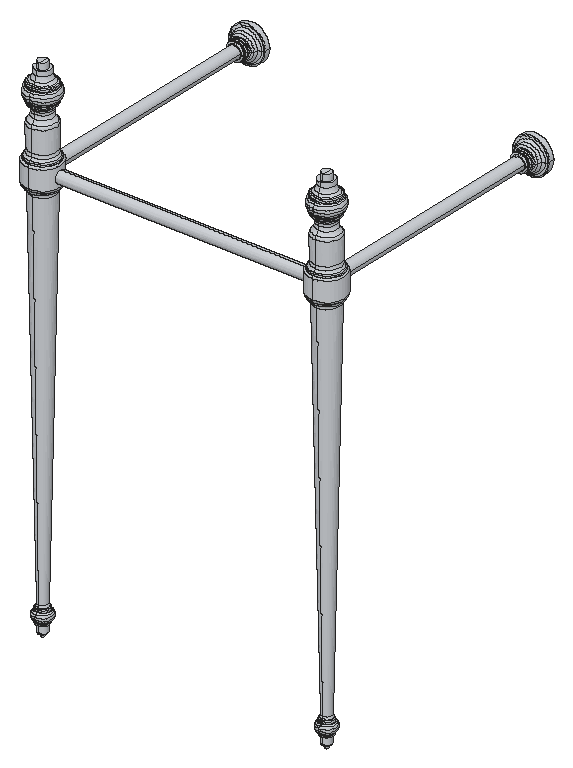
Revit family "Furniture-Console_Table_Legs-KOHLER-Memoirs-K-30007", category Specialty Equipment, host Face, Revit 2015
Parameters (values of type "CP-Polished Chrome")
  Width = 17 3/4"  # constant formula
  URL = "https://www.us.kohler.com/us/"
  Type = 1
  Product Page URL = "http://www.us.kohler.com/us/catalog/productDetails.jsp?productNumber=30007"
  Product Name = "Memoirs"  # constant formula
  Product Documentation Link = "http://www.us.kohler.com/onlinecatalog/pdf/K-30007_spec.pdf"
  Model = if(Type = 1, "K-30007-CP", if(Type = 2, "K-30007-BN", if(Type = 3, "K-30007-BV", if(Type = 4, "K-30007-2BZ", "NA"))))  # "K-30007-CP"
  Material = "Solid Brass"  # constant formula
  MasterFormat 2004 = "10.28.13"  # constant formula
  MasterFormat 1995 = "10820"  # constant formula
  Manufacturer Address = "444 Highland Dr, Kohler, WI 53044"  # constant formula
  Manufacturer = "KOHLER Co."  # constant formula
  Length = 16 5/16"  # constant formula
  Height = 32 1/4"  # constant formula
  Finish = Kohler-Metal-CP-Polished_Chrome
  Environmental Product Declaration = ""
  Description = "Console table legs for K-29999 Memoirs sink"  # constant formula
  Default Elevation = 0"
  Declare Label = ""
  Date Modified = "12/11/2018"  # constant formula
  Date Created = "12/11/2018"  # constant formula
  Copyright = "Copyright KOHLER Co."  # constant formula
  Contact Us = "https://www.us.kohler.com/us/static/contact.jsp"
  Assembly Code = "C1030200"
  ADA Compliant = 1 = 0  # no
Reference planes (in)
  plane 1 "Center (Front/Back)": y = 0
  plane 2: z = 0
  plane 3 "Center (Left/Right)": x = 0
  plane 4: y = 16.3125
  plane 5: x = -8.875
  plane 6: x = 8.875
  plane 7: z = 32.25
Dimensions and locks (in)
  "Width": plane 5 to plane 6
  "Height": plane 7 to plane 2
  "Length": plane 1 "Center (Front/Back)" to plane 4
  aligned and locked: host face to plane 2
  aligned and locked: host face to level
Automatic sketch dimensions
  host sketch curve to host sketch curve = 96"  (x2)
Nested families (in)
  nested 1: "K-30007" at (0, 16.3125, 16.125) x (1, 0, 0) z (0, -1, 0), type "K-30007"
Definition of nested family "K-30007"
  Parameters (values of type "K-30007")
    Material = none
    Default Elevation = 48"
  Reference planes (in)
    plane 1 "Center (Front/Back)": y = 0
    plane 2: z = 0
    plane 3 "Center (Left/Right)": x = 0
    plane 4: x = -8.875
    plane 5: x = 8.875
    plane 6: z = 16.3125
    plane 7: y = 16.125
    plane 8: y = -16.125
  Forms (in)
    Revolve 1, solid, material <- "Material", detail levels medium+fine
      sketch origin (0, 10.011, 0) x (1, 0, 0) y (0, 0, 1)
        loop
          line (8.875, 0) -> (8.875, 16.3125) -> (8.5, 16.3125) -> (8.5, 1.346) -> (8.41906, 1.346)
          arc (8.41906, 1.346) -> (8.36494, 1.32732) -> (8.33386, 1.27924) r 0.08775
          arc (8.33386, 1.27924) -> (8.33059, 1.25169) -> (8.33417, 1.22418) r 0.11251
          arc (8.33417, 1.22418) -> (8.34377, 1.20686) -> (8.36057, 1.19637) r 0.03951
          arc (8.36057, 1.19637) -> (8.38055, 1.18696) -> (8.39726, 1.17254) r 0.08155
          arc (8.39726, 1.17254) -> (8.42648, 1.12495) -> (8.43789, 1.0703) r 0.16273
          arc (8.43789, 1.0703) -> (8.42398, 1.01029) -> (8.38199, 0.96522) r 0.11929
          arc (8.38199, 0.96522) -> (8.35827, 0.95245) -> (8.33308, 0.94291) r 0.20464
          arc (8.33308, 0.94291) -> (8.31027, 0.92618) -> (8.30286, 0.89887) r 0.04282
          arc (8.30286, 0.89887) -> (8.29002, 0.85026) -> (8.25007, 0.81975) r 0.07754
          arc (8.25007, 0.81975) -> (8.18959, 0.78696) -> (8.144, 0.73544) r 0.19783
          arc (8.144, 0.73544) -> (8.09993, 0.65925) -> (8.05975, 0.58094) r 1.74576
          arc (8.05975, 0.58094) -> (8.00416, 0.49545) -> (7.92879, 0.42677) r 0.40039
          arc (7.92879, 0.42677) -> (7.85715, 0.39029) -> (7.77823, 0.37504) r 0.28779
          arc (7.77823, 0.37504) -> (7.75215, 0.36305) -> (7.7415, 0.3364) r 0.03869
          line (7.7415, 0.3364) -> (7.7415, 0) -> (8.875, 0)
        axis (8.875, 16.3125) -> (8.875, 0)
      angle from 0 to 360
    Revolve 2, solid, material <- "Material", detail levels medium+fine
      sketch origin (0, 10.011, 0) x (-1, 0, 0) y (0, 0, -1)
        loop
          line (8.875, 0) -> (7.7415, 0) -> (7.7415, -0.3364)
          arc (7.7415, -0.3364) -> (7.75215, -0.36305) -> (7.77823, -0.37504) r 0.03869
          arc (7.77823, -0.37504) -> (7.85715, -0.39029) -> (7.92879, -0.42677) r 0.28779
          arc (7.92879, -0.42677) -> (8.00416, -0.49545) -> (8.05975, -0.58094) r 0.40039
          arc (8.05975, -0.58094) -> (8.09993, -0.65925) -> (8.144, -0.73544) r 1.74576
          arc (8.144, -0.73544) -> (8.18959, -0.78696) -> (8.25007, -0.81975) r 0.19783
          arc (8.25007, -0.81975) -> (8.29002, -0.85026) -> (8.30286, -0.89887) r 0.07754
          arc (8.30286, -0.89887) -> (8.31027, -0.92618) -> (8.33308, -0.94291) r 0.04282
          arc (8.33308, -0.94291) -> (8.35827, -0.95245) -> (8.38199, -0.96522) r 0.20464
          arc (8.38199, -0.96522) -> (8.42398, -1.01029) -> (8.43789, -1.0703) r 0.11929
          arc (8.43789, -1.0703) -> (8.42648, -1.12495) -> (8.39726, -1.17254) r 0.16273
          arc (8.39726, -1.17254) -> (8.38055, -1.18696) -> (8.36057, -1.19637) r 0.08155
          arc (8.36057, -1.19637) -> (8.34377, -1.20686) -> (8.33417, -1.22418) r 0.03951
          arc (8.33417, -1.22418) -> (8.33059, -1.25169) -> (8.33386, -1.27924) r 0.11251
          arc (8.33386, -1.27924) -> (8.36494, -1.32732) -> (8.41906, -1.346) r 0.08775
          line (8.41906, -1.346) -> (8.5, -1.346) -> (8.5, -16.3125) -> (8.875, -16.3125) -> (8.875, 0)
        axis (8.875, -16.3125) -> (8.875, 0)
      angle from 0 to 360
    Revolve 3, solid, material <- "Material", detail levels medium+fine
      sketch origin (-8.875, 0, 0) x (0, 1, 0) y (0, 0, 1)
        loop
          line (16.125, 16.3125) -> (16.125, 16.6215) -> (15.765, 16.6215) -> (15.765, 16.8065) -> (15.515, 16.8065)
          arc (15.515, 16.8065) -> (15.35094, 16.82869) -> (15.19867, 16.89366) r 0.61762
          arc (15.19867, 16.89366) -> (15.11895, 16.95203) -> (15.05158, 17.02431) r 0.52475
          arc (15.05158, 17.02431) -> (15.01863, 17.07736) -> (14.99688, 17.13591) r 0.31252
          arc (14.99688, 17.13591) -> (14.97885, 17.16317) -> (14.94791, 17.17373) r 0.05061
          line (14.94791, 17.17373) -> (14.85323, 17.17373)
          arc (14.85323, 17.17373) -> (14.82854, 17.17879) -> (14.80784, 17.19315) r 0.06273
          arc (14.80784, 17.19315) -> (14.76185, 17.23557) -> (14.71083, 17.27178) r 0.49001
          arc (14.71083, 17.27178) -> (14.62314, 17.31622) -> (14.52924, 17.34532) r 0.58399
          arc (14.52924, 17.34532) -> (14.442, 17.35651) -> (14.35415, 17.35211) r 0.49615
          arc (14.35415, 17.35211) -> (14.25641, 17.32992) -> (14.1638, 17.29158) r 0.5934
          arc (14.1638, 17.29158) -> (14.09759, 17.25005) -> (14.03918, 17.19812) r 0.46996
          arc (14.03918, 17.19812) -> (14.01299, 17.17992) -> (13.98175, 17.1735) r 0.0793
          line (13.98175, 17.1735) -> (13.89812, 17.1735)
          arc (13.89812, 17.1735) -> (13.86983, 17.16696) -> (13.84728, 17.14865) r 0.06443
          arc (13.84728, 17.14865) -> (13.82732, 17.12431) -> (13.80614, 17.10101) r 0.61911
          arc (13.80614, 17.10101) -> (13.74083, 17.03972) -> (13.66928, 16.98584) r 0.82896
          arc (13.66928, 16.98584) -> (13.61365, 16.95374) -> (13.55418, 16.92951) r 0.4712
          arc (13.55418, 16.92951) -> (13.46183, 16.90463) -> (13.3673, 16.89012) r 0.86277
          arc (13.3673, 16.89012) -> (13.24304, 16.89348) -> (13.12341, 16.92722) r 0.50287
          arc (13.12341, 16.92722) -> (12.98459, 17.00156) -> (12.86189, 17.10024) r 0.84916
          arc (12.86189, 17.10024) -> (12.77921, 17.1535) -> (12.68239, 17.17074) r 0.25
          line (12.68239, 17.17074) -> (11.29071, 17.14048)
          arc (11.29071, 17.14048) -> (11.18734, 17.14534) -> (11.08561, 17.16432) r 0.7535
          arc (11.08561, 17.16432) -> (10.98562, 17.20401) -> (10.89852, 17.26716) r 0.43244
          arc (10.89852, 17.26716) -> (10.86414, 17.2889) -> (10.82418, 17.29651) r 0.10882
          line (10.82418, 17.29651) -> (10.7402, 17.29651)
          arc (10.7402, 17.29651) -> (10.7237, 17.3034) -> (10.71699, 17.31997) r 0.02321
          arc (10.71699, 17.31997) -> (10.68841, 17.39063) -> (10.61808, 17.42) r 0.09892
          line (10.61808, 17.42) -> (9.40474, 17.42)
          arc (9.40474, 17.42) -> (9.33311, 17.38967) -> (9.30505, 17.31711) r 0.09974
          arc (9.30505, 17.31711) -> (9.29943, 17.30258) -> (9.28508, 17.2965) r 0.01998
          line (9.28508, 17.2965) -> (9.19764, 17.2965)
          arc (9.19764, 17.2965) -> (9.16479, 17.28738) -> (9.14136, 17.26262) r 0.06369
          arc (9.14136, 17.26262) -> (9.02349, 17.13683) -> (8.85813, 17.08814) r 0.32813
          line (8.85813, 17.08814) -> (-14.19593, 16.61484)
          arc (-14.19593, 16.61484) -> (-14.2741, 16.62311) -> (-14.34774, 16.6506) r 0.31293
          arc (-14.34774, 16.6506) -> (-14.387, 16.67549) -> (-14.42168, 16.70644) r 0.28437
          arc (-14.42168, 16.70644) -> (-14.44312, 16.72136) -> (-14.46869, 16.72661) r 0.06488
          line (-14.46869, 16.72661) -> (-14.56367, 16.72661)
          arc (-14.56367, 16.72661) -> (-14.5782, 16.73217) -> (-14.58531, 16.74599) r 0.02176
          arc (-14.58531, 16.74599) -> (-14.58951, 16.76093) -> (-14.59832, 16.7737) r 0.04734
          arc (-14.59832, 16.7737) -> (-14.63686, 16.81048) -> (-14.67821, 16.84406) r 0.66345
          arc (-14.67821, 16.84406) -> (-14.73924, 16.87864) -> (-14.80697, 16.8969) r 0.27881
          arc (-14.80697, 16.8969) -> (-14.8828, 16.90092) -> (-14.95824, 16.89217) r 0.45132
          arc (-14.95824, 16.89217) -> (-15.02292, 16.87159) -> (-15.08166, 16.83758) r 0.31371
          arc (-15.08166, 16.83758) -> (-15.12797, 16.79804) -> (-15.16801, 16.75216) r 0.41553
          arc (-15.16801, 16.75216) -> (-15.19005, 16.73378) -> (-15.21798, 16.72719) r 0.0625
          line (-15.21798, 16.72719) -> (-15.27256, 16.72719)
          arc (-15.27256, 16.72719) -> (-15.3168, 16.70887) -> (-15.33512, 16.66463) r 0.06256
          line (-15.33512, 16.66463) -> (-15.33512, 16.6065) -> (-15.81259, 16.6065)
          arc (-15.81259, 16.6065) -> (-15.85672, 16.58822) -> (-15.875, 16.54409) r 0.06241
          line (-15.875, 16.54409) -> (-15.875, 16.3965) -> (-16.094, 16.3965) -> (-16.125, 16.3655) -> (-16.125, 16.3125) -> (16.125, 16.3125)
        axis (-16.125, 16.3125) -> (16.125, 16.3125)
      angle from 0 to 360
    Revolve 4, solid, material <- "Material", detail levels medium+fine
      sketch origin (8.875, 0, 0) x (0, 1, 0) y (0, 0, -1)
        loop
          line (16.125, -16.3125) -> (-16.125, -16.3125) -> (-16.125, -16.3655) -> (-16.094, -16.3965) -> (-15.875, -16.3965) -> (-15.875, -16.54409)
          arc (-15.875, -16.54409) -> (-15.85672, -16.58822) -> (-15.81259, -16.6065) r 0.06241
          line (-15.81259, -16.6065) -> (-15.33512, -16.6065) -> (-15.33512, -16.66463)
          arc (-15.33512, -16.66463) -> (-15.3168, -16.70887) -> (-15.27256, -16.72719) r 0.06256
          line (-15.27256, -16.72719) -> (-15.21798, -16.72719)
          arc (-15.21798, -16.72719) -> (-15.19005, -16.73378) -> (-15.16801, -16.75216) r 0.0625
          arc (-15.16801, -16.75216) -> (-15.12797, -16.79804) -> (-15.08166, -16.83758) r 0.41553
          arc (-15.08166, -16.83758) -> (-15.02292, -16.87159) -> (-14.95824, -16.89217) r 0.31371
          arc (-14.95824, -16.89217) -> (-14.8828, -16.90092) -> (-14.80697, -16.8969) r 0.45132
          arc (-14.80697, -16.8969) -> (-14.73924, -16.87864) -> (-14.67821, -16.84406) r 0.27881
          arc (-14.67821, -16.84406) -> (-14.63686, -16.81048) -> (-14.59832, -16.7737) r 0.66345
          arc (-14.59832, -16.7737) -> (-14.58951, -16.76093) -> (-14.58531, -16.74599) r 0.04734
          arc (-14.58531, -16.74599) -> (-14.5782, -16.73217) -> (-14.56367, -16.72661) r 0.02176
          line (-14.56367, -16.72661) -> (-14.46869, -16.72661)
          arc (-14.46869, -16.72661) -> (-14.44312, -16.72136) -> (-14.42168, -16.70644) r 0.06488
          arc (-14.42168, -16.70644) -> (-14.387, -16.67549) -> (-14.34774, -16.6506) r 0.28437
          arc (-14.34774, -16.6506) -> (-14.2741, -16.62311) -> (-14.19593, -16.61484) r 0.31293
          line (-14.19593, -16.61484) -> (8.85813, -17.08814)
          arc (8.85813, -17.08814) -> (9.02349, -17.13683) -> (9.14136, -17.26262) r 0.32813
          arc (9.14136, -17.26262) -> (9.16479, -17.28738) -> (9.19764, -17.2965) r 0.06369
          line (9.19764, -17.2965) -> (9.28508, -17.2965)
          arc (9.28508, -17.2965) -> (9.29943, -17.30258) -> (9.30505, -17.31711) r 0.01998
          arc (9.30505, -17.31711) -> (9.33311, -17.38967) -> (9.40474, -17.42) r 0.09974
          line (9.40474, -17.42) -> (10.61808, -17.42)
          arc (10.61808, -17.42) -> (10.68841, -17.39063) -> (10.71699, -17.31997) r 0.09892
          arc (10.71699, -17.31997) -> (10.7237, -17.3034) -> (10.7402, -17.29651) r 0.02321
          line (10.7402, -17.29651) -> (10.82418, -17.29651)
          arc (10.82418, -17.29651) -> (10.86414, -17.2889) -> (10.89852, -17.26716) r 0.10882
          arc (10.89852, -17.26716) -> (10.98562, -17.20401) -> (11.08561, -17.16432) r 0.43244
          arc (11.08561, -17.16432) -> (11.18734, -17.14534) -> (11.29071, -17.14048) r 0.7535
          line (11.29071, -17.14048) -> (12.68239, -17.17074)
          arc (12.68239, -17.17074) -> (12.77921, -17.1535) -> (12.86189, -17.10024) r 0.25
          arc (12.86189, -17.10024) -> (12.98459, -17.00156) -> (13.12341, -16.92722) r 0.84916
          arc (13.12341, -16.92722) -> (13.24304, -16.89348) -> (13.3673, -16.89012) r 0.50287
          arc (13.3673, -16.89012) -> (13.46183, -16.90463) -> (13.55418, -16.92951) r 0.86277
          arc (13.55418, -16.92951) -> (13.61365, -16.95374) -> (13.66928, -16.98584) r 0.4712
          arc (13.66928, -16.98584) -> (13.74083, -17.03972) -> (13.80614, -17.10101) r 0.82896
          arc (13.80614, -17.10101) -> (13.82732, -17.12431) -> (13.84728, -17.14865) r 0.61911
          arc (13.84728, -17.14865) -> (13.86983, -17.16696) -> (13.89812, -17.1735) r 0.06443
          line (13.89812, -17.1735) -> (13.98175, -17.1735)
          arc (13.98175, -17.1735) -> (14.01299, -17.17992) -> (14.03918, -17.19812) r 0.0793
          arc (14.03918, -17.19812) -> (14.09759, -17.25005) -> (14.1638, -17.29158) r 0.46996
          arc (14.1638, -17.29158) -> (14.25641, -17.32992) -> (14.35415, -17.35211) r 0.5934
          arc (14.35415, -17.35211) -> (14.442, -17.35651) -> (14.52924, -17.34532) r 0.49615
          arc (14.52924, -17.34532) -> (14.62314, -17.31622) -> (14.71083, -17.27178) r 0.58399
          arc (14.71083, -17.27178) -> (14.76185, -17.23557) -> (14.80784, -17.19315) r 0.49001
          arc (14.80784, -17.19315) -> (14.82854, -17.17879) -> (14.85323, -17.17373) r 0.06273
          line (14.85323, -17.17373) -> (14.94791, -17.17373)
          arc (14.94791, -17.17373) -> (14.97885, -17.16317) -> (14.99688, -17.13591) r 0.05061
          arc (14.99688, -17.13591) -> (15.01863, -17.07736) -> (15.05158, -17.02431) r 0.31252
          arc (15.05158, -17.02431) -> (15.11895, -16.95203) -> (15.19867, -16.89366) r 0.52475
          arc (15.19867, -16.89366) -> (15.35094, -16.82869) -> (15.515, -16.8065) r 0.61762
          line (15.515, -16.8065) -> (15.765, -16.8065) -> (15.765, -16.6215) -> (16.125, -16.6215) -> (16.125, -16.3125)
        axis (-16.125, -16.3125) -> (16.125, -16.3125)
      angle from 0 to 360
    Extrusion 5, solid, material <- "Material", detail levels medium+fine
      sketch origin (0, 0, 0) x (0, 1, 0) y (0, 0, 1)
        loop
          circle (10.011, 16.3125) r 0.375
      from -8.875 to 8.875
    Revolve 6, solid, material <- "Material", detail levels coarse
      sketch origin (-8.875, 0, 0) x (0, 1, 0) y (0, 0, 1)
        loop
          line (10.011, 0) -> (10.011, 16.3125) -> (9.636, 16.3125) -> (9.636, 1.346) -> (8.8775, 1.346) -> (8.8775, 0) -> (10.011, 0)
        axis (10.011, 0) -> (10.011, 16.3125)
      angle from 0 to 360
    Revolve 7, solid, material <- "Material", detail levels coarse
      sketch origin (8.875, 0, 0) x (0, 1, 0) y (0, 0, -1)
        loop
          line (10.011, 0) -> (8.8775, 0) -> (8.8775, -1.346) -> (9.636, -1.346) -> (9.636, -16.3125) -> (10.011, -16.3125) -> (10.011, 0)
        axis (10.011, 0) -> (10.011, -16.3125)
      angle from 0 to 360
    Revolve 8, solid, material <- "Material", detail levels coarse
      sketch origin (0, 0, 16.3125) x (1, 0, 0) y (0, 1, 0)
        loop
          line (-8.875, 16.125) -> (-8.875, -16.125) -> (-8.28636, -16.125) -> (-8.28636, -14.8687) -> (-8.43534, -13.9743) -> (-8.09936, 8.85813) -> (-7.7675, 8.85813) -> (-7.7675, 12.49503) -> (-7.83099, 14.442) -> (-7.83099, 16.125) -> (-8.875, 16.125)
        axis (-8.875, 16.125) -> (-8.875, -16.125)
      angle from 0 to 360
    Revolve 9, solid, material <- "Material", detail levels coarse
      sketch origin (0, 0, 16.3125) x (-1, 0, 0) y (0, -1, 0)
        loop
          line (-8.875, -16.125) -> (-7.83099, -16.125) -> (-7.83099, -14.442) -> (-7.7675, -12.49503) -> (-7.7675, -8.85813) -> (-8.09936, -8.85813) -> (-8.43534, 13.9743) -> (-8.28636, 14.8687) -> (-8.28636, 16.125) -> (-8.875, 16.125) -> (-8.875, -16.125)
        axis (-8.875, -16.125) -> (-8.875, 16.125)
      angle from 0 to 360
    Extrusion 10, solid, material <- "Material", detail levels coarse
      sketch origin (0, 0, 0) x (0, 1, 0) y (0, 0, 1)
        loop
          circle (10.011, 16.3125) r 0.39409
      from -8.875 to 8.875
  Cuts and joins
    joined: Revolve 1, Revolve 2, Revolve 3, Revolve 4, Extrusion 5
    joined: Revolve 6, Revolve 7, Revolve 8, Revolve 9, Extrusion 10
  Lines and regions (in)
    Masking region 1
      outline origin (0, 0, 0) x (1, 0, 0) y (0, 0, 1)
        loop
          line (8.875, 0) -> (10.0085, 0) -> (10.0085, 0.3364)
          arc (10.0085, 0.3364) -> (9.99785, 0.36305) -> (9.97177, 0.37504) r 0.03869
          arc (9.97177, 0.37504) -> (9.89285, 0.39029) -> (9.82121, 0.42677) r 0.28779
          arc (9.82121, 0.42677) -> (9.74584, 0.49545) -> (9.69025, 0.58094) r 0.40039
          arc (9.69025, 0.58094) -> (9.65007, 0.65925) -> (9.606, 0.73544) r 1.74576
          arc (9.606, 0.73544) -> (9.56041, 0.78696) -> (9.49993, 0.81975) r 0.19783
          arc (9.49993, 0.81975) -> (9.45998, 0.85026) -> (9.44714, 0.89887) r 0.07754
          arc (9.44714, 0.89887) -> (9.43973, 0.92618) -> (9.41692, 0.94291) r 0.04282
          arc (9.41692, 0.94291) -> (9.39173, 0.95245) -> (9.36801, 0.96522) r 0.20464
          arc (9.36801, 0.96522) -> (9.32602, 1.01029) -> (9.31211, 1.0703) r 0.11929
          arc (9.31211, 1.0703) -> (9.32352, 1.12495) -> (9.35274, 1.17254) r 0.16273
          arc (9.35274, 1.17254) -> (9.36945, 1.18696) -> (9.38943, 1.19637) r 0.08155
          arc (9.38943, 1.19637) -> (9.40623, 1.20686) -> (9.41583, 1.22418) r 0.03951
          arc (9.41583, 1.22418) -> (9.41941, 1.25169) -> (9.41614, 1.27924) r 0.11251
          arc (9.41614, 1.27924) -> (9.38506, 1.32732) -> (9.33094, 1.346) r 0.08775
          line (9.33094, 1.346) -> (9.25, 1.346) -> (9.25, 15.26955)
          arc (9.25, 15.26955) -> (9.6587, 17.0962) -> (7.83205, 16.6875) r 1.10832
          line (7.83205, 16.6875) -> (-7.83205, 16.6875)
          arc (-7.83205, 16.6875) -> (-9.6587, 17.0962) -> (-9.25, 15.26955) r 1.10832
          line (-9.25, 15.26955) -> (-9.25, 1.346) -> (-9.33094, 1.346)
          arc (-9.33094, 1.346) -> (-9.38506, 1.32732) -> (-9.41614, 1.27924) r 0.08775
          arc (-9.41614, 1.27924) -> (-9.41941, 1.25169) -> (-9.41583, 1.22418) r 0.11251
          arc (-9.41583, 1.22418) -> (-9.40623, 1.20686) -> (-9.38943, 1.19637) r 0.03951
          arc (-9.38943, 1.19637) -> (-9.36945, 1.18696) -> (-9.35274, 1.17254) r 0.08155
          arc (-9.35274, 1.17254) -> (-9.32352, 1.12495) -> (-9.31211, 1.0703) r 0.16273
          arc (-9.31211, 1.0703) -> (-9.32602, 1.01029) -> (-9.36801, 0.96522) r 0.11929
          arc (-9.36801, 0.96522) -> (-9.39173, 0.95245) -> (-9.41692, 0.94291) r 0.20464
          arc (-9.41692, 0.94291) -> (-9.43973, 0.92618) -> (-9.44714, 0.89887) r 0.04282
          arc (-9.44714, 0.89887) -> (-9.45998, 0.85026) -> (-9.49993, 0.81975) r 0.07754
          arc (-9.49993, 0.81975) -> (-9.56041, 0.78696) -> (-9.606, 0.73544) r 0.19783
          arc (-9.606, 0.73544) -> (-9.65007, 0.65925) -> (-9.69025, 0.58094) r 1.74576
          arc (-9.69025, 0.58094) -> (-9.74584, 0.49545) -> (-9.82121, 0.42677) r 0.40039
          arc (-9.82121, 0.42677) -> (-9.89285, 0.39029) -> (-9.97177, 0.37504) r 0.28779
          arc (-9.97177, 0.37504) -> (-9.99785, 0.36305) -> (-10.0085, 0.3364) r 0.03869
          line (-10.0085, 0.3364) -> (-10.0085, 0) -> (-8.875, 0) -> (-7.7415, 0) -> (-7.7415, 0.3364)
          arc (-7.7415, 0.3364) -> (-7.75215, 0.36305) -> (-7.77823, 0.37504) r 0.03869
          arc (-7.77823, 0.37504) -> (-7.85715, 0.39029) -> (-7.92879, 0.42677) r 0.28779
          arc (-7.92879, 0.42677) -> (-8.00416, 0.49545) -> (-8.05975, 0.58094) r 0.40039
          arc (-8.05975, 0.58094) -> (-8.09993, 0.65925) -> (-8.144, 0.73544) r 1.74576
          arc (-8.144, 0.73544) -> (-8.18959, 0.78696) -> (-8.25007, 0.81975) r 0.19783
          arc (-8.25007, 0.81975) -> (-8.29002, 0.85026) -> (-8.30286, 0.89887) r 0.07754
          arc (-8.30286, 0.89887) -> (-8.31027, 0.92618) -> (-8.33308, 0.94291) r 0.04282
          arc (-8.33308, 0.94291) -> (-8.35827, 0.95245) -> (-8.38199, 0.96522) r 0.20464
          arc (-8.38199, 0.96522) -> (-8.42398, 1.01029) -> (-8.43789, 1.0703) r 0.11929
          arc (-8.43789, 1.0703) -> (-8.42648, 1.12495) -> (-8.39726, 1.17254) r 0.16273
          arc (-8.39726, 1.17254) -> (-8.38055, 1.18696) -> (-8.36057, 1.19637) r 0.08155
          arc (-8.36057, 1.19637) -> (-8.34377, 1.20686) -> (-8.33417, 1.22418) r 0.03951
          arc (-8.33417, 1.22418) -> (-8.33059, 1.25169) -> (-8.33386, 1.27924) r 0.11251
          arc (-8.33386, 1.27924) -> (-8.36494, 1.32732) -> (-8.41906, 1.346) r 0.08775
          line (-8.41906, 1.346) -> (-8.5, 1.346) -> (-8.5, 15.26955)
          arc (-8.5, 15.26955) -> (-8.0913, 15.5288) -> (-7.83205, 15.9375) r 1.10832
          line (-7.83205, 15.9375) -> (7.83205, 15.9375)
          arc (7.83205, 15.9375) -> (8.0913, 15.5288) -> (8.5, 15.26955) r 1.10832
          line (8.5, 15.26955) -> (8.5, 1.346) -> (8.41906, 1.346)
          arc (8.41906, 1.346) -> (8.36494, 1.32732) -> (8.33386, 1.27924) r 0.08775
          arc (8.33386, 1.27924) -> (8.33059, 1.25169) -> (8.33417, 1.22418) r 0.11251
          arc (8.33417, 1.22418) -> (8.34377, 1.20686) -> (8.36057, 1.19637) r 0.03951
          arc (8.36057, 1.19637) -> (8.38055, 1.18696) -> (8.39726, 1.17254) r 0.08155
          arc (8.39726, 1.17254) -> (8.42648, 1.12495) -> (8.43789, 1.0703) r 0.16273
          arc (8.43789, 1.0703) -> (8.42398, 1.01029) -> (8.38199, 0.96522) r 0.11929
          arc (8.38199, 0.96522) -> (8.35827, 0.95245) -> (8.33308, 0.94291) r 0.20464
          arc (8.33308, 0.94291) -> (8.31027, 0.92618) -> (8.30286, 0.89887) r 0.04282
          arc (8.30286, 0.89887) -> (8.29002, 0.85026) -> (8.25007, 0.81975) r 0.07754
          arc (8.25007, 0.81975) -> (8.18959, 0.78696) -> (8.144, 0.73544) r 0.19783
          arc (8.144, 0.73544) -> (8.09993, 0.65925) -> (8.05975, 0.58094) r 1.74576
          arc (8.05975, 0.58094) -> (8.00416, 0.49545) -> (7.92879, 0.42677) r 0.40039
          arc (7.92879, 0.42677) -> (7.85715, 0.39029) -> (7.77823, 0.37504) r 0.28779
          arc (7.77823, 0.37504) -> (7.75215, 0.36305) -> (7.7415, 0.3364) r 0.03869
          line (7.7415, 0.3364) -> (7.7415, 0) -> (8.875, 0)
    Masking region 2
      outline origin (0, 0, 0) x (0, 1, 0) y (0, 0, 1)
        loop
          line (10.011, 0) -> (11.1445, 0) -> (11.1445, 0.3364)
          arc (11.1445, 0.3364) -> (11.13385, 0.36305) -> (11.10777, 0.37504) r 0.03869
          arc (11.10777, 0.37504) -> (11.02885, 0.39029) -> (10.95721, 0.42677) r 0.28779
          arc (10.95721, 0.42677) -> (10.88184, 0.49545) -> (10.82625, 0.58094) r 0.40039
          arc (10.82625, 0.58094) -> (10.78607, 0.65925) -> (10.742, 0.73544) r 1.74576
          arc (10.742, 0.73544) -> (10.69641, 0.78696) -> (10.63593, 0.81975) r 0.19783
          arc (10.63593, 0.81975) -> (10.59598, 0.85026) -> (10.58314, 0.89887) r 0.07754
          arc (10.58314, 0.89887) -> (10.57573, 0.92618) -> (10.55292, 0.94291) r 0.04282
          arc (10.55292, 0.94291) -> (10.52773, 0.95245) -> (10.50401, 0.96522) r 0.20464
          arc (10.50401, 0.96522) -> (10.46202, 1.01029) -> (10.44811, 1.0703) r 0.11929
          arc (10.44811, 1.0703) -> (10.45952, 1.12495) -> (10.48874, 1.17254) r 0.16273
          arc (10.48874, 1.17254) -> (10.50545, 1.18696) -> (10.52543, 1.19637) r 0.08155
          arc (10.52543, 1.19637) -> (10.54223, 1.20686) -> (10.55183, 1.22418) r 0.03951
          arc (10.55183, 1.22418) -> (10.55541, 1.25169) -> (10.55214, 1.27924) r 0.11251
          arc (10.55214, 1.27924) -> (10.52106, 1.32732) -> (10.46694, 1.346) r 0.08775
          line (10.46694, 1.346) -> (10.386, 1.346) -> (10.386, 15.205) -> (10.61808, 15.205)
          arc (10.61808, 15.205) -> (10.68841, 15.23437) -> (10.71699, 15.30503) r 0.09892
          arc (10.71699, 15.30503) -> (10.7237, 15.3216) -> (10.7402, 15.32849) r 0.02321
          line (10.7402, 15.32849) -> (10.82418, 15.32849)
          arc (10.82418, 15.32849) -> (10.86414, 15.3361) -> (10.89852, 15.35784) r 0.10882
          arc (10.89852, 15.35784) -> (10.98562, 15.42099) -> (11.08561, 15.46068) r 0.43244
          arc (11.08561, 15.46068) -> (11.18734, 15.47966) -> (11.29071, 15.48452) r 0.7535
          line (11.29071, 15.48452) -> (12.68239, 15.45426)
          arc (12.68239, 15.45426) -> (12.77921, 15.4715) -> (12.86189, 15.52476) r 0.25
          arc (12.86189, 15.52476) -> (12.98459, 15.62344) -> (13.12341, 15.69778) r 0.84916
          arc (13.12341, 15.69778) -> (13.24304, 15.73152) -> (13.3673, 15.73488) r 0.50287
          arc (13.3673, 15.73488) -> (13.46183, 15.72037) -> (13.55418, 15.69549) r 0.86277
          arc (13.55418, 15.69549) -> (13.61365, 15.67126) -> (13.66928, 15.63916) r 0.4712
          arc (13.66928, 15.63916) -> (13.74083, 15.58528) -> (13.80614, 15.52399) r 0.82896
          arc (13.80614, 15.52399) -> (13.82732, 15.50069) -> (13.84728, 15.47635) r 0.61911
          arc (13.84728, 15.47635) -> (13.86983, 15.45804) -> (13.89812, 15.4515) r 0.06443
          line (13.89812, 15.4515) -> (13.98175, 15.4515)
          arc (13.98175, 15.4515) -> (14.01299, 15.44508) -> (14.03918, 15.42688) r 0.0793
          arc (14.03918, 15.42688) -> (14.09759, 15.37495) -> (14.1638, 15.33342) r 0.46996
          arc (14.1638, 15.33342) -> (14.25641, 15.29508) -> (14.35415, 15.27289) r 0.5934
          arc (14.35415, 15.27289) -> (14.442, 15.26849) -> (14.52924, 15.27968) r 0.49615
          arc (14.52924, 15.27968) -> (14.62314, 15.30878) -> (14.71083, 15.35322) r 0.58399
          arc (14.71083, 15.35322) -> (14.76185, 15.38943) -> (14.80784, 15.43185) r 0.49001
          arc (14.80784, 15.43185) -> (14.82854, 15.44621) -> (14.85323, 15.45127) r 0.06273
          line (14.85323, 15.45127) -> (14.94791, 15.45127)
          arc (14.94791, 15.45127) -> (14.97885, 15.46183) -> (14.99688, 15.48909) r 0.05061
          arc (14.99688, 15.48909) -> (15.01863, 15.54764) -> (15.05158, 15.60069) r 0.31252
          arc (15.05158, 15.60069) -> (15.11895, 15.67297) -> (15.19867, 15.73134) r 0.52475
          arc (15.19867, 15.73134) -> (15.35094, 15.79631) -> (15.515, 15.8185) r 0.61762
          line (15.515, 15.8185) -> (15.765, 15.8185) -> (15.765, 16.0035) -> (16.125, 16.0035) -> (16.125, 16.3125) -> (16.125, 16.6215) -> (15.765, 16.6215) -> (15.765, 16.8065) -> (15.515, 16.8065)
          arc (15.515, 16.8065) -> (15.35094, 16.82869) -> (15.19867, 16.89366) r 0.61762
          arc (15.19867, 16.89366) -> (15.11895, 16.95203) -> (15.05158, 17.02431) r 0.52475
          arc (15.05158, 17.02431) -> (15.01863, 17.07736) -> (14.99688, 17.13591) r 0.31252
          arc (14.99688, 17.13591) -> (14.97885, 17.16317) -> (14.94791, 17.17373) r 0.05061
          line (14.94791, 17.17373) -> (14.85323, 17.17373)
          arc (14.85323, 17.17373) -> (14.82854, 17.17879) -> (14.80784, 17.19315) r 0.06273
          arc (14.80784, 17.19315) -> (14.76185, 17.23557) -> (14.71083, 17.27178) r 0.49001
          arc (14.71083, 17.27178) -> (14.62314, 17.31622) -> (14.52924, 17.34532) r 0.58399
          arc (14.52924, 17.34532) -> (14.442, 17.35651) -> (14.35415, 17.35211) r 0.49615
          arc (14.35415, 17.35211) -> (14.25641, 17.32992) -> (14.1638, 17.29158) r 0.5934
          arc (14.1638, 17.29158) -> (14.09759, 17.25005) -> (14.03918, 17.19812) r 0.46996
          arc (14.03918, 17.19812) -> (14.01299, 17.17992) -> (13.98175, 17.1735) r 0.0793
          line (13.98175, 17.1735) -> (13.89812, 17.1735)
          arc (13.89812, 17.1735) -> (13.86983, 17.16696) -> (13.84728, 17.14865) r 0.06443
          arc (13.84728, 17.14865) -> (13.82732, 17.12431) -> (13.80614, 17.10101) r 0.61911
          arc (13.80614, 17.10101) -> (13.74083, 17.03972) -> (13.66928, 16.98584) r 0.82896
          arc (13.66928, 16.98584) -> (13.61365, 16.95374) -> (13.55418, 16.92951) r 0.4712
          arc (13.55418, 16.92951) -> (13.46183, 16.90463) -> (13.3673, 16.89012) r 0.86277
          arc (13.3673, 16.89012) -> (13.24304, 16.89348) -> (13.12341, 16.92722) r 0.50287
          arc (13.12341, 16.92722) -> (12.98459, 17.00156) -> (12.86189, 17.10024) r 0.84916
          arc (12.86189, 17.10024) -> (12.77921, 17.1535) -> (12.68239, 17.17074) r 0.25
          line (12.68239, 17.17074) -> (11.29071, 17.14048)
          arc (11.29071, 17.14048) -> (11.18734, 17.14534) -> (11.08561, 17.16432) r 0.7535
          arc (11.08561, 17.16432) -> (10.98562, 17.20401) -> (10.89852, 17.26716) r 0.43244
          arc (10.89852, 17.26716) -> (10.86414, 17.2889) -> (10.82418, 17.29651) r 0.10882
          line (10.82418, 17.29651) -> (10.7402, 17.29651)
          arc (10.7402, 17.29651) -> (10.7237, 17.3034) -> (10.71699, 17.31997) r 0.02321
          arc (10.71699, 17.31997) -> (10.68841, 17.39063) -> (10.61808, 17.42) r 0.09892
          line (10.61808, 17.42) -> (9.40474, 17.42)
          arc (9.40474, 17.42) -> (9.33311, 17.38967) -> (9.30505, 17.31711) r 0.09974
          arc (9.30505, 17.31711) -> (9.29943, 17.30258) -> (9.28508, 17.2965) r 0.01998
          line (9.28508, 17.2965) -> (9.19764, 17.2965)
          arc (9.19764, 17.2965) -> (9.16479, 17.28738) -> (9.14136, 17.26262) r 0.06369
          arc (9.14136, 17.26262) -> (9.02349, 17.13683) -> (8.85813, 17.08814) r 0.32813
          line (8.85813, 17.08814) -> (-14.19593, 16.61484)
          arc (-14.19593, 16.61484) -> (-14.2741, 16.62311) -> (-14.34774, 16.6506) r 0.31293
          arc (-14.34774, 16.6506) -> (-14.387, 16.67549) -> (-14.42168, 16.70644) r 0.28437
          arc (-14.42168, 16.70644) -> (-14.44312, 16.72136) -> (-14.46869, 16.72661) r 0.06488
          line (-14.46869, 16.72661) -> (-14.56367, 16.72661)
          arc (-14.56367, 16.72661) -> (-14.5782, 16.73217) -> (-14.58531, 16.74599) r 0.02176
          arc (-14.58531, 16.74599) -> (-14.58951, 16.76093) -> (-14.59832, 16.7737) r 0.04734
          arc (-14.59832, 16.7737) -> (-14.63686, 16.81048) -> (-14.67821, 16.84406) r 0.66345
          arc (-14.67821, 16.84406) -> (-14.73924, 16.87864) -> (-14.80697, 16.8969) r 0.27881
          arc (-14.80697, 16.8969) -> (-14.8828, 16.90092) -> (-14.95824, 16.89217) r 0.45132
          arc (-14.95824, 16.89217) -> (-15.02292, 16.87159) -> (-15.08166, 16.83758) r 0.31371
          arc (-15.08166, 16.83758) -> (-15.12797, 16.79804) -> (-15.16801, 16.75216) r 0.41553
          arc (-15.16801, 16.75216) -> (-15.19005, 16.73378) -> (-15.21798, 16.72719) r 0.0625
          line (-15.21798, 16.72719) -> (-15.27256, 16.72719)
          arc (-15.27256, 16.72719) -> (-15.3168, 16.70887) -> (-15.33512, 16.66463) r 0.06256
          line (-15.33512, 16.66463) -> (-15.33512, 16.6065) -> (-15.81259, 16.6065)
          arc (-15.81259, 16.6065) -> (-15.85672, 16.58822) -> (-15.875, 16.54409) r 0.06241
          line (-15.875, 16.54409) -> (-15.875, 16.3965) -> (-16.094, 16.3965) -> (-16.125, 16.3655) -> (-16.125, 16.3125) -> (-16.125, 16.2595) -> (-16.094, 16.2285) -> (-15.875, 16.2285) -> (-15.875, 16.08091)
          arc (-15.875, 16.08091) -> (-15.85672, 16.03678) -> (-15.81259, 16.0185) r 0.06241
          line (-15.81259, 16.0185) -> (-15.33512, 16.0185) -> (-15.33512, 15.96037)
          arc (-15.33512, 15.96037) -> (-15.3168, 15.91613) -> (-15.27256, 15.89781) r 0.06256
          line (-15.27256, 15.89781) -> (-15.21798, 15.89781)
          arc (-15.21798, 15.89781) -> (-15.19005, 15.89122) -> (-15.16801, 15.87284) r 0.0625
          arc (-15.16801, 15.87284) -> (-15.12797, 15.82696) -> (-15.08166, 15.78742) r 0.41553
          arc (-15.08166, 15.78742) -> (-15.02292, 15.75341) -> (-14.95824, 15.73283) r 0.31371
          arc (-14.95824, 15.73283) -> (-14.8828, 15.72408) -> (-14.80697, 15.7281) r 0.45132
          arc (-14.80697, 15.7281) -> (-14.73924, 15.74636) -> (-14.67821, 15.78094) r 0.27881
          arc (-14.67821, 15.78094) -> (-14.63686, 15.81452) -> (-14.59832, 15.8513) r 0.66345
          arc (-14.59832, 15.8513) -> (-14.58951, 15.86407) -> (-14.58531, 15.87901) r 0.04734
          arc (-14.58531, 15.87901) -> (-14.5782, 15.89283) -> (-14.56367, 15.89839) r 0.02176
          line (-14.56367, 15.89839) -> (-14.46869, 15.89839)
          arc (-14.46869, 15.89839) -> (-14.44312, 15.90364) -> (-14.42168, 15.91856) r 0.06488
          arc (-14.42168, 15.91856) -> (-14.387, 15.94951) -> (-14.34774, 15.9744) r 0.28437
          arc (-14.34774, 15.9744) -> (-14.2741, 16.00189) -> (-14.19593, 16.01016) r 0.31293
          line (-14.19593, 16.01016) -> (8.85813, 15.53686)
          arc (8.85813, 15.53686) -> (9.02349, 15.48817) -> (9.14136, 15.36238) r 0.32813
          arc (9.14136, 15.36238) -> (9.16479, 15.33762) -> (9.19764, 15.3285) r 0.06369
          line (9.19764, 15.3285) -> (9.28508, 15.3285)
          arc (9.28508, 15.3285) -> (9.29943, 15.32242) -> (9.30505, 15.30789) r 0.01998
          arc (9.30505, 15.30789) -> (9.33311, 15.23533) -> (9.40474, 15.205) r 0.09974
          line (9.40474, 15.205) -> (9.636, 15.205) -> (9.636, 1.346) -> (9.55506, 1.346)
          arc (9.55506, 1.346) -> (9.50094, 1.32732) -> (9.46986, 1.27924) r 0.08775
          arc (9.46986, 1.27924) -> (9.46659, 1.25169) -> (9.47017, 1.22418) r 0.11251
          arc (9.47017, 1.22418) -> (9.47977, 1.20686) -> (9.49657, 1.19637) r 0.03951
          arc (9.49657, 1.19637) -> (9.51655, 1.18696) -> (9.53326, 1.17254) r 0.08155
          arc (9.53326, 1.17254) -> (9.56248, 1.12495) -> (9.57389, 1.0703) r 0.16273
          arc (9.57389, 1.0703) -> (9.55998, 1.01029) -> (9.51799, 0.96522) r 0.11929
          arc (9.51799, 0.96522) -> (9.49427, 0.95245) -> (9.46908, 0.94291) r 0.20464
          arc (9.46908, 0.94291) -> (9.44627, 0.92618) -> (9.43886, 0.89887) r 0.04282
          arc (9.43886, 0.89887) -> (9.42602, 0.85026) -> (9.38607, 0.81975) r 0.07754
          arc (9.38607, 0.81975) -> (9.32559, 0.78696) -> (9.28, 0.73544) r 0.19783
          arc (9.28, 0.73544) -> (9.23593, 0.65925) -> (9.19575, 0.58094) r 1.74576
          arc (9.19575, 0.58094) -> (9.14016, 0.49545) -> (9.06479, 0.42677) r 0.40039
          arc (9.06479, 0.42677) -> (8.99315, 0.39029) -> (8.91423, 0.37504) r 0.28779
          arc (8.91423, 0.37504) -> (8.88815, 0.36305) -> (8.8775, 0.3364) r 0.03869
          line (8.8775, 0.3364) -> (8.8775, 0) -> (10.011, 0)
    Masking region 3
      outline origin (0, 0, 0) x (1, 0, 0) y (0, 1, 0)
        loop
          line (-8.875, 16.125) -> (-9.184, 16.125) -> (-9.184, 15.765) -> (-9.369, 15.765) -> (-9.369, 15.515)
          arc (-9.369, 15.515) -> (-9.39119, 15.35094) -> (-9.45616, 15.19867) r 0.61762
          arc (-9.45616, 15.19867) -> (-9.51453, 15.11895) -> (-9.58681, 15.05158) r 0.52475
          arc (-9.58681, 15.05158) -> (-9.63986, 15.01863) -> (-9.69841, 14.99688) r 0.31252
          arc (-9.69841, 14.99688) -> (-9.72567, 14.97885) -> (-9.73623, 14.94791) r 0.05061
          line (-9.73623, 14.94791) -> (-9.73623, 14.85323)
          arc (-9.73623, 14.85323) -> (-9.74129, 14.82854) -> (-9.75565, 14.80784) r 0.06273
          arc (-9.75565, 14.80784) -> (-9.79807, 14.76185) -> (-9.83428, 14.71083) r 0.49001
          arc (-9.83428, 14.71083) -> (-9.87872, 14.62314) -> (-9.90782, 14.52924) r 0.58399
          arc (-9.90782, 14.52924) -> (-9.91901, 14.442) -> (-9.91461, 14.35415) r 0.49615
          arc (-9.91461, 14.35415) -> (-9.89242, 14.25641) -> (-9.85408, 14.1638) r 0.5934
          arc (-9.85408, 14.1638) -> (-9.81255, 14.09759) -> (-9.76062, 14.03918) r 0.46996
          arc (-9.76062, 14.03918) -> (-9.74242, 14.01299) -> (-9.736, 13.98175) r 0.0793
          line (-9.736, 13.98175) -> (-9.736, 13.89812)
          arc (-9.736, 13.89812) -> (-9.72946, 13.86983) -> (-9.71115, 13.84728) r 0.06443
          arc (-9.71115, 13.84728) -> (-9.68681, 13.82732) -> (-9.66351, 13.80614) r 0.61911
          arc (-9.66351, 13.80614) -> (-9.60222, 13.74083) -> (-9.54834, 13.66928) r 0.82896
          arc (-9.54834, 13.66928) -> (-9.51624, 13.61365) -> (-9.49201, 13.55418) r 0.4712
          arc (-9.49201, 13.55418) -> (-9.46713, 13.46183) -> (-9.45262, 13.3673) r 0.86277
          arc (-9.45262, 13.3673) -> (-9.45598, 13.24304) -> (-9.48972, 13.12341) r 0.50287
          arc (-9.48972, 13.12341) -> (-9.56406, 12.98459) -> (-9.66274, 12.86189) r 0.84916
          arc (-9.66274, 12.86189) -> (-9.716, 12.77921) -> (-9.73324, 12.68239) r 0.25
          line (-9.73324, 12.68239) -> (-9.70298, 11.29071)
          arc (-9.70298, 11.29071) -> (-9.70784, 11.18734) -> (-9.72682, 11.08561) r 0.7535
          arc (-9.72682, 11.08561) -> (-9.76651, 10.98562) -> (-9.82966, 10.89852) r 0.43244
          arc (-9.82966, 10.89852) -> (-9.8514, 10.86414) -> (-9.85901, 10.82418) r 0.10882
          line (-9.85901, 10.82418) -> (-9.85901, 10.7402)
          arc (-9.85901, 10.7402) -> (-9.8659, 10.7237) -> (-9.88247, 10.71699) r 0.02321
          arc (-9.88247, 10.71699) -> (-9.95313, 10.68841) -> (-9.9825, 10.61808) r 0.09892
          line (-9.9825, 10.61808) -> (-9.9825, 9.40474)
          arc (-9.9825, 9.40474) -> (-9.95217, 9.33311) -> (-9.87961, 9.30505) r 0.09974
          arc (-9.87961, 9.30505) -> (-9.86508, 9.29943) -> (-9.859, 9.28508) r 0.01998
          line (-9.859, 9.28508) -> (-9.859, 9.19764)
          arc (-9.859, 9.19764) -> (-9.84988, 9.16479) -> (-9.82512, 9.14136) r 0.06369
          arc (-9.82512, 9.14136) -> (-9.69933, 9.02349) -> (-9.65064, 8.85813) r 0.32813
          line (-9.65064, 8.85813) -> (-9.17734, -14.19593)
          arc (-9.17734, -14.19593) -> (-9.18561, -14.2741) -> (-9.2131, -14.34774) r 0.31293
          arc (-9.2131, -14.34774) -> (-9.23799, -14.387) -> (-9.26894, -14.42168) r 0.28437
          arc (-9.26894, -14.42168) -> (-9.28386, -14.44312) -> (-9.28911, -14.46869) r 0.06488
          line (-9.28911, -14.46869) -> (-9.28911, -14.56367)
          arc (-9.28911, -14.56367) -> (-9.29467, -14.5782) -> (-9.30849, -14.58531) r 0.02176
          arc (-9.30849, -14.58531) -> (-9.32343, -14.58951) -> (-9.3362, -14.59832) r 0.04734
          arc (-9.3362, -14.59832) -> (-9.37298, -14.63686) -> (-9.40656, -14.67821) r 0.66345
          arc (-9.40656, -14.67821) -> (-9.44114, -14.73924) -> (-9.4594, -14.80697) r 0.27881
          arc (-9.4594, -14.80697) -> (-9.46342, -14.8828) -> (-9.45467, -14.95824) r 0.45132
          arc (-9.45467, -14.95824) -> (-9.43409, -15.02292) -> (-9.40008, -15.08166) r 0.31371
          arc (-9.40008, -15.08166) -> (-9.36054, -15.12797) -> (-9.31466, -15.16801) r 0.41553
          arc (-9.31466, -15.16801) -> (-9.29628, -15.19005) -> (-9.28969, -15.21798) r 0.0625
          line (-9.28969, -15.21798) -> (-9.28969, -15.27256)
          arc (-9.28969, -15.27256) -> (-9.27137, -15.3168) -> (-9.22713, -15.33512) r 0.06256
          line (-9.22713, -15.33512) -> (-9.169, -15.33512) -> (-9.169, -15.81259)
          arc (-9.169, -15.81259) -> (-9.15072, -15.85672) -> (-9.10659, -15.875) r 0.06241
          line (-9.10659, -15.875) -> (-8.959, -15.875) -> (-8.959, -16.094) -> (-8.928, -16.125) -> (-8.875, -16.125) -> (-8.822, -16.125) -> (-8.791, -16.094) -> (-8.791, -15.875) -> (-8.64341, -15.875)
          arc (-8.64341, -15.875) -> (-8.59928, -15.85672) -> (-8.581, -15.81259) r 0.06241
          line (-8.581, -15.81259) -> (-8.581, -15.33512) -> (-8.52287, -15.33512)
          arc (-8.52287, -15.33512) -> (-8.47863, -15.3168) -> (-8.46031, -15.27256) r 0.06256
          line (-8.46031, -15.27256) -> (-8.46031, -15.21798)
          arc (-8.46031, -15.21798) -> (-8.45372, -15.19005) -> (-8.43534, -15.16801) r 0.0625
          arc (-8.43534, -15.16801) -> (-8.38946, -15.12797) -> (-8.34992, -15.08166) r 0.41553
          arc (-8.34992, -15.08166) -> (-8.31591, -15.02292) -> (-8.29533, -14.95824) r 0.31371
          arc (-8.29533, -14.95824) -> (-8.28658, -14.8828) -> (-8.2906, -14.80697) r 0.45132
          arc (-8.2906, -14.80697) -> (-8.30886, -14.73924) -> (-8.34344, -14.67821) r 0.27881
          arc (-8.34344, -14.67821) -> (-8.37702, -14.63686) -> (-8.4138, -14.59832) r 0.66345
          arc (-8.4138, -14.59832) -> (-8.42657, -14.58951) -> (-8.44151, -14.58531) r 0.04734
          arc (-8.44151, -14.58531) -> (-8.45533, -14.5782) -> (-8.46089, -14.56367) r 0.02176
          line (-8.46089, -14.56367) -> (-8.46089, -14.46869)
          arc (-8.46089, -14.46869) -> (-8.46614, -14.44312) -> (-8.48106, -14.42168) r 0.06488
          arc (-8.48106, -14.42168) -> (-8.51201, -14.387) -> (-8.5369, -14.34774) r 0.28437
          arc (-8.5369, -14.34774) -> (-8.56439, -14.2741) -> (-8.57266, -14.19593) r 0.31293
          line (-8.57266, -14.19593) -> (-8.09936, 8.85813)
          arc (-8.09936, 8.85813) -> (-8.05067, 9.02349) -> (-7.92488, 9.14136) r 0.32813
          arc (-7.92488, 9.14136) -> (-7.90012, 9.16479) -> (-7.891, 9.19764) r 0.06369
          line (-7.891, 9.19764) -> (-7.891, 9.28508)
          arc (-7.891, 9.28508) -> (-7.88492, 9.29943) -> (-7.87039, 9.30505) r 0.01998
          arc (-7.87039, 9.30505) -> (-7.79783, 9.33311) -> (-7.7675, 9.40474) r 0.09974
          line (-7.7675, 9.40474) -> (-7.7675, 9.636) -> (7.7675, 9.636) -> (7.7675, 9.40474)
          arc (7.7675, 9.40474) -> (7.79783, 9.33311) -> (7.87039, 9.30505) r 0.09974
          arc (7.87039, 9.30505) -> (7.88492, 9.29943) -> (7.891, 9.28508) r 0.01998
          line (7.891, 9.28508) -> (7.891, 9.19764)
          arc (7.891, 9.19764) -> (7.90012, 9.16479) -> (7.92488, 9.14136) r 0.06369
          arc (7.92488, 9.14136) -> (8.05067, 9.02349) -> (8.09936, 8.85813) r 0.32813
          line (8.09936, 8.85813) -> (8.57266, -14.19593)
          arc (8.57266, -14.19593) -> (8.56439, -14.2741) -> (8.5369, -14.34774) r 0.31293
          arc (8.5369, -14.34774) -> (8.51201, -14.387) -> (8.48106, -14.42168) r 0.28437
          arc (8.48106, -14.42168) -> (8.46614, -14.44312) -> (8.46089, -14.46869) r 0.06488
          line (8.46089, -14.46869) -> (8.46089, -14.56367)
          arc (8.46089, -14.56367) -> (8.45533, -14.5782) -> (8.44151, -14.58531) r 0.02176
          arc (8.44151, -14.58531) -> (8.42657, -14.58951) -> (8.4138, -14.59832) r 0.04734
          arc (8.4138, -14.59832) -> (8.37702, -14.63686) -> (8.34344, -14.67821) r 0.66345
          arc (8.34344, -14.67821) -> (8.30886, -14.73924) -> (8.2906, -14.80697) r 0.27881
          arc (8.2906, -14.80697) -> (8.28658, -14.8828) -> (8.29533, -14.95824) r 0.45132
          arc (8.29533, -14.95824) -> (8.31591, -15.02292) -> (8.34992, -15.08166) r 0.31371
          arc (8.34992, -15.08166) -> (8.38946, -15.12797) -> (8.43534, -15.16801) r 0.41553
          arc (8.43534, -15.16801) -> (8.45372, -15.19005) -> (8.46031, -15.21798) r 0.0625
          line (8.46031, -15.21798) -> (8.46031, -15.27256)
          arc (8.46031, -15.27256) -> (8.47863, -15.3168) -> (8.52287, -15.33512) r 0.06256
          line (8.52287, -15.33512) -> (8.581, -15.33512) -> (8.581, -15.81259)
          arc (8.581, -15.81259) -> (8.59928, -15.85672) -> (8.64341, -15.875) r 0.06241
          line (8.64341, -15.875) -> (8.791, -15.875) -> (8.791, -16.094) -> (8.822, -16.125) -> (8.875, -16.125) -> (8.928, -16.125) -> (8.959, -16.094) -> (8.959, -15.875) -> (9.10659, -15.875)
          arc (9.10659, -15.875) -> (9.15072, -15.85672) -> (9.169, -15.81259) r 0.06241
          line (9.169, -15.81259) -> (9.169, -15.33512) -> (9.22713, -15.33512)
          arc (9.22713, -15.33512) -> (9.27137, -15.3168) -> (9.28969, -15.27256) r 0.06256
          line (9.28969, -15.27256) -> (9.28969, -15.21798)
          arc (9.28969, -15.21798) -> (9.29628, -15.19005) -> (9.31466, -15.16801) r 0.0625
          arc (9.31466, -15.16801) -> (9.36054, -15.12797) -> (9.40008, -15.08166) r 0.41553
          arc (9.40008, -15.08166) -> (9.43409, -15.02292) -> (9.45467, -14.95824) r 0.31371
          arc (9.45467, -14.95824) -> (9.46342, -14.8828) -> (9.4594, -14.80697) r 0.45132
          arc (9.4594, -14.80697) -> (9.44114, -14.73924) -> (9.40656, -14.67821) r 0.27881
          arc (9.40656, -14.67821) -> (9.37298, -14.63686) -> (9.3362, -14.59832) r 0.66345
          arc (9.3362, -14.59832) -> (9.32343, -14.58951) -> (9.30849, -14.58531) r 0.04734
          arc (9.30849, -14.58531) -> (9.29467, -14.5782) -> (9.28911, -14.56367) r 0.02176
          line (9.28911, -14.56367) -> (9.28911, -14.46869)
          arc (9.28911, -14.46869) -> (9.28386, -14.44312) -> (9.26894, -14.42168) r 0.06488
          arc (9.26894, -14.42168) -> (9.23799, -14.387) -> (9.2131, -14.34774) r 0.28437
          arc (9.2131, -14.34774) -> (9.18561, -14.2741) -> (9.17734, -14.19593) r 0.31293
          line (9.17734, -14.19593) -> (9.65064, 8.85813)
          arc (9.65064, 8.85813) -> (9.69933, 9.02349) -> (9.82512, 9.14136) r 0.32813
          arc (9.82512, 9.14136) -> (9.84988, 9.16479) -> (9.859, 9.19764) r 0.06369
          line (9.859, 9.19764) -> (9.859, 9.28508)
          arc (9.859, 9.28508) -> (9.86508, 9.29943) -> (9.87961, 9.30505) r 0.01998
          arc (9.87961, 9.30505) -> (9.95217, 9.33311) -> (9.9825, 9.40474) r 0.09974
          line (9.9825, 9.40474) -> (9.9825, 10.61808)
          arc (9.9825, 10.61808) -> (9.95313, 10.68841) -> (9.88247, 10.71699) r 0.09892
          arc (9.88247, 10.71699) -> (9.8659, 10.7237) -> (9.85901, 10.7402) r 0.02321
          line (9.85901, 10.7402) -> (9.85901, 10.82418)
          arc (9.85901, 10.82418) -> (9.8514, 10.86414) -> (9.82966, 10.89852) r 0.10882
          arc (9.82966, 10.89852) -> (9.76651, 10.98562) -> (9.72682, 11.08561) r 0.43244
          arc (9.72682, 11.08561) -> (9.70784, 11.18734) -> (9.70298, 11.29071) r 0.7535
          line (9.70298, 11.29071) -> (9.73324, 12.68239)
          arc (9.73324, 12.68239) -> (9.716, 12.77921) -> (9.66274, 12.86189) r 0.25
          arc (9.66274, 12.86189) -> (9.56406, 12.98459) -> (9.48972, 13.12341) r 0.84916
          arc (9.48972, 13.12341) -> (9.45598, 13.24304) -> (9.45262, 13.3673) r 0.50287
          arc (9.45262, 13.3673) -> (9.46713, 13.46183) -> (9.49201, 13.55418) r 0.86277
          arc (9.49201, 13.55418) -> (9.51624, 13.61365) -> (9.54834, 13.66928) r 0.4712
          arc (9.54834, 13.66928) -> (9.60222, 13.74083) -> (9.66351, 13.80614) r 0.82896
          arc (9.66351, 13.80614) -> (9.68681, 13.82732) -> (9.71115, 13.84728) r 0.61911
          arc (9.71115, 13.84728) -> (9.72946, 13.86983) -> (9.736, 13.89812) r 0.06443
          line (9.736, 13.89812) -> (9.736, 13.98175)
          arc (9.736, 13.98175) -> (9.74242, 14.01299) -> (9.76062, 14.03918) r 0.0793
          arc (9.76062, 14.03918) -> (9.81255, 14.09759) -> (9.85408, 14.1638) r 0.46996
          arc (9.85408, 14.1638) -> (9.89242, 14.25641) -> (9.91461, 14.35415) r 0.5934
          arc (9.91461, 14.35415) -> (9.91901, 14.442) -> (9.90782, 14.52924) r 0.49615
          arc (9.90782, 14.52924) -> (9.87872, 14.62314) -> (9.83428, 14.71083) r 0.58399
          arc (9.83428, 14.71083) -> (9.79807, 14.76185) -> (9.75565, 14.80784) r 0.49001
          arc (9.75565, 14.80784) -> (9.74129, 14.82854) -> (9.73623, 14.85323) r 0.06273
          line (9.73623, 14.85323) -> (9.73623, 14.94791)
          arc (9.73623, 14.94791) -> (9.72567, 14.97885) -> (9.69841, 14.99688) r 0.05061
          arc (9.69841, 14.99688) -> (9.63986, 15.01863) -> (9.58681, 15.05158) r 0.31252
          arc (9.58681, 15.05158) -> (9.51453, 15.11895) -> (9.45616, 15.19867) r 0.52475
          arc (9.45616, 15.19867) -> (9.39119, 15.35094) -> (9.369, 15.515) r 0.61762
          line (9.369, 15.515) -> (9.369, 15.765) -> (9.184, 15.765) -> (9.184, 16.125) -> (8.875, 16.125) -> (8.566, 16.125) -> (8.566, 15.765) -> (8.381, 15.765) -> (8.381, 15.515)
          arc (8.381, 15.515) -> (8.35881, 15.35094) -> (8.29384, 15.19867) r 0.61762
          arc (8.29384, 15.19867) -> (8.23547, 15.11895) -> (8.16319, 15.05158) r 0.52475
          arc (8.16319, 15.05158) -> (8.11014, 15.01863) -> (8.05159, 14.99688) r 0.31252
          arc (8.05159, 14.99688) -> (8.02433, 14.97885) -> (8.01377, 14.94791) r 0.05061
          line (8.01377, 14.94791) -> (8.01377, 14.85323)
          arc (8.01377, 14.85323) -> (8.00871, 14.82854) -> (7.99435, 14.80784) r 0.06273
          arc (7.99435, 14.80784) -> (7.95193, 14.76185) -> (7.91572, 14.71083) r 0.49001
          arc (7.91572, 14.71083) -> (7.87128, 14.62314) -> (7.84218, 14.52924) r 0.58399
          arc (7.84218, 14.52924) -> (7.83099, 14.442) -> (7.83539, 14.35415) r 0.49615
          arc (7.83539, 14.35415) -> (7.85758, 14.25641) -> (7.89592, 14.1638) r 0.5934
          arc (7.89592, 14.1638) -> (7.93745, 14.09759) -> (7.98938, 14.03918) r 0.46996
          arc (7.98938, 14.03918) -> (8.00758, 14.01299) -> (8.014, 13.98175) r 0.0793
          line (8.014, 13.98175) -> (8.014, 13.89812)
          arc (8.014, 13.89812) -> (8.02054, 13.86983) -> (8.03885, 13.84728) r 0.06443
          arc (8.03885, 13.84728) -> (8.06319, 13.82732) -> (8.08649, 13.80614) r 0.61911
          arc (8.08649, 13.80614) -> (8.14778, 13.74083) -> (8.20166, 13.66928) r 0.82896
          arc (8.20166, 13.66928) -> (8.23376, 13.61365) -> (8.25799, 13.55418) r 0.4712
          arc (8.25799, 13.55418) -> (8.28287, 13.46183) -> (8.29738, 13.3673) r 0.86277
          arc (8.29738, 13.3673) -> (8.29402, 13.24304) -> (8.26028, 13.12341) r 0.50287
          arc (8.26028, 13.12341) -> (8.18594, 12.98459) -> (8.08726, 12.86189) r 0.84916
          arc (8.08726, 12.86189) -> (8.034, 12.77921) -> (8.01676, 12.68239) r 0.25
          line (8.01676, 12.68239) -> (8.04702, 11.29071)
          arc (8.04702, 11.29071) -> (8.04216, 11.18734) -> (8.02318, 11.08561) r 0.7535
          arc (8.02318, 11.08561) -> (7.98349, 10.98562) -> (7.92034, 10.89852) r 0.43244
          arc (7.92034, 10.89852) -> (7.8986, 10.86414) -> (7.89099, 10.82418) r 0.10882
          line (7.89099, 10.82418) -> (7.89099, 10.7402)
          arc (7.89099, 10.7402) -> (7.8841, 10.7237) -> (7.86753, 10.71699) r 0.02321
          arc (7.86753, 10.71699) -> (7.79687, 10.68841) -> (7.7675, 10.61808) r 0.09892
          line (7.7675, 10.61808) -> (7.7675, 10.386) -> (-7.7675, 10.386) -> (-7.7675, 10.61808)
          arc (-7.7675, 10.61808) -> (-7.79687, 10.68841) -> (-7.86753, 10.71699) r 0.09892
          arc (-7.86753, 10.71699) -> (-7.8841, 10.7237) -> (-7.89099, 10.7402) r 0.02321
          line (-7.89099, 10.7402) -> (-7.89099, 10.82418)
          arc (-7.89099, 10.82418) -> (-7.8986, 10.86414) -> (-7.92034, 10.89852) r 0.10882
          arc (-7.92034, 10.89852) -> (-7.98349, 10.98562) -> (-8.02318, 11.08561) r 0.43244
          arc (-8.02318, 11.08561) -> (-8.04216, 11.18734) -> (-8.04702, 11.29071) r 0.7535
          line (-8.04702, 11.29071) -> (-8.01676, 12.68239)
          arc (-8.01676, 12.68239) -> (-8.034, 12.77921) -> (-8.08726, 12.86189) r 0.25
          arc (-8.08726, 12.86189) -> (-8.18594, 12.98459) -> (-8.26028, 13.12341) r 0.84916
          arc (-8.26028, 13.12341) -> (-8.29402, 13.24304) -> (-8.29738, 13.3673) r 0.50287
          arc (-8.29738, 13.3673) -> (-8.28287, 13.46183) -> (-8.25799, 13.55418) r 0.86277
          arc (-8.25799, 13.55418) -> (-8.23376, 13.61365) -> (-8.20166, 13.66928) r 0.4712
          arc (-8.20166, 13.66928) -> (-8.14778, 13.74083) -> (-8.08649, 13.80614) r 0.82896
          arc (-8.08649, 13.80614) -> (-8.06319, 13.82732) -> (-8.03885, 13.84728) r 0.61911
          arc (-8.03885, 13.84728) -> (-8.02054, 13.86983) -> (-8.014, 13.89812) r 0.06443
          line (-8.014, 13.89812) -> (-8.014, 13.98175)
          arc (-8.014, 13.98175) -> (-8.00758, 14.01299) -> (-7.98938, 14.03918) r 0.0793
          arc (-7.98938, 14.03918) -> (-7.93745, 14.09759) -> (-7.89592, 14.1638) r 0.46996
          arc (-7.89592, 14.1638) -> (-7.85758, 14.25641) -> (-7.83539, 14.35415) r 0.5934
          arc (-7.83539, 14.35415) -> (-7.83099, 14.442) -> (-7.84218, 14.52924) r 0.49615
          arc (-7.84218, 14.52924) -> (-7.87128, 14.62314) -> (-7.91572, 14.71083) r 0.58399
          arc (-7.91572, 14.71083) -> (-7.95193, 14.76185) -> (-7.99435, 14.80784) r 0.49001
          arc (-7.99435, 14.80784) -> (-8.00871, 14.82854) -> (-8.01377, 14.85323) r 0.06273
          line (-8.01377, 14.85323) -> (-8.01377, 14.94791)
          arc (-8.01377, 14.94791) -> (-8.02433, 14.97885) -> (-8.05159, 14.99688) r 0.05061
          arc (-8.05159, 14.99688) -> (-8.11014, 15.01863) -> (-8.16319, 15.05158) r 0.31252
          arc (-8.16319, 15.05158) -> (-8.23547, 15.11895) -> (-8.29384, 15.19867) r 0.52475
          arc (-8.29384, 15.19867) -> (-8.35881, 15.35094) -> (-8.381, 15.515) r 0.61762
          line (-8.381, 15.515) -> (-8.381, 15.765) -> (-8.566, 15.765) -> (-8.566, 16.125) -> (-8.875, 16.125)
    symbolic lines, detail levels medium+fine
      curve 1: line (9.97177, 0, 0.37504) -> (7.77823, 0, 0.37504)
      curve 2: line (9.44714, 0, 0.89887) -> (8.30286, 0, 0.89887)
      curve 3: line (9.36801, 0, 0.96522) -> (8.38199, 0, 0.96522)
      curve 4: line (9.38943, 0, 1.19637) -> (8.36057, 0, 1.19637)
      curve 5: line (9.25, 0, 1.346) -> (8.5, 0, 1.346)
      curve 6: line (-9.97177, 0, 0.37504) -> (-7.77823, 0, 0.37504)
      curve 7: line (-9.44714, 0, 0.89887) -> (-8.30286, 0, 0.89887)
      curve 8: line (-9.36801, 0, 0.96522) -> (-8.38199, 0, 0.96522)
      curve 9: line (-9.38943, 0, 1.19637) -> (-8.36057, 0, 1.19637)
      curve 10: line (-9.25, 0, 1.346) -> (-8.5, 0, 1.346)
      curve 11: circle (8.875, 0, 16.3125) r 1.04307 normal (0, -1, 0)
      curve 12: circle (8.875, 0, 16.3125) r 0.85953 normal (0, -1, 0)
      curve 13: circle (8.875, 0, 16.3125) r 0.494 normal (0, -1, 0)
      curve 14: circle (8.875, 0, 16.3125) r 0.309 normal (0, -1, 0)
      curve 15: circle (-8.875, 0, 16.3125) r 1.04307 normal (0, 1, 0)
      curve 16: circle (-8.875, 0, 16.3125) r 0.85953 normal (0, 1, 0)
      curve 17: circle (-8.875, 0, 16.3125) r 0.494 normal (0, 1, 0)
      curve 18: circle (-8.875, 0, 16.3125) r 0.309 normal (0, 1, 0)
      curve 19: arc (7.83205, 0, 16.6875) -> (7.76755, 0, 16.3125) -> (7.83205, 0, 15.9375) r 1.12226
